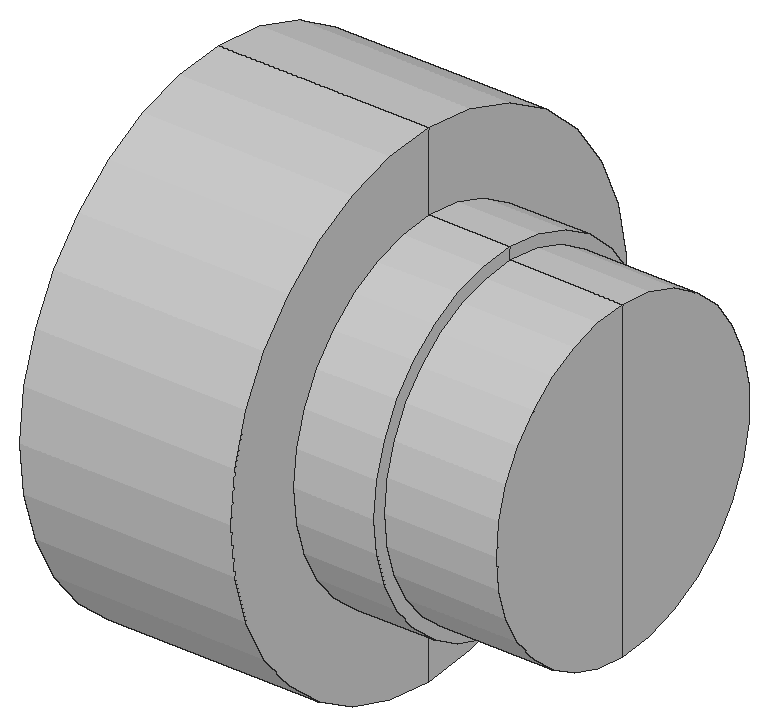
Revit family "6235_Lötanschluß mit Konus", category Rohrformteile, Revit 2021
Family settings
  Bemaßung runder Anschluss = Durchmesser verwenden
  Teiletyp = Verbindung
  OmniClass-Nummer = 23.65.55.14
  OmniClass-Titel = Valves for Liquid Services
  Arbeitsebenenbasiert = Nein
  Immer vertikal = Ja
  Beim Laden mit Abzugskörper schneiden = Nein
  Gemeinsam genutzt = Nein
Parameters (values of type "G3/4 x 18mm")
  Vorgabe-Ansicht = 0 mm
  URL = "www.herz-armaturen.at"
  SCRNSEQ = "AWI;AWI_TYP=\"1001\";2"
  SCRNCODE = "07;01;02"  # constant formula
  S02 = 8 mm  # constant formula
  S01 [instance] = GT  # 10 mm
  Nennweite_AG [instance] = if([5_8x12], 12 mm, if([1x18], 18 mm, if([3_4x12], 12 mm, if([3_4x15], 15 mm, if([3_4x18], 18 mm, 0 mm)))))  # 18 mm
  Nennweite_IG [instance] = if([5_8x12], 15 mm, if([1x18], 25 mm, if([3_4x12], 20 mm, if([3_4x15], 20 mm, if([3_4x18], 20 mm, 0 mm)))))  # 20 mm
  Mutter = "Messing CW614N, vernickelt"  # constant formula
  Max. Betriebstemperatur = 110 °C  # constant formula
  Max. Betriebsdruck = 1000000.0 Pa  # constant formula
  Medium = "Heizungswasser nach ÖNORM H5195 oder VDI- Richtlinie 2035.\r\nDie Verwendung von Ethylen- oder Propyleneglykol in einem Mischungsverhältnis 25- 50% ist zulässig."
  GT [instance] = if([5_8x12], 8.5 mm, if([1x18], 12 mm, if([3_4x12], 10 mm, if([3_4x15], 10 mm, if([3_4x18], 10 mm, 0 mm)))))  # 10 mm
  L02 [instance] = if([5_8x12], 8 mm, if([1x18], 11.7 mm, if([3_4x12], 7.5 mm, if([3_4x15], 7.5 mm, if([3_4x18], 7.5 mm, 0 mm)))))  # 7.5 mm
  L01 [instance] = if([5_8x12], 13 mm, if([1x18], 16.5 mm, if([3_4x12], 14 mm, if([3_4x15], 14 mm, if([3_4x18], 14 mm, 0 mm)))))  # 14 mm
  L00 [instance] = if([5_8x12], 22 mm, if([1x18], 29 mm, if([3_4x12], 22.5 mm, if([3_4x15], 22.5 mm, if([3_4x18], 26.9 mm, 0 mm)))))  # 26.9 mm
  Hersteller = "HERZ Armaturen Ges.m.b.H."  # constant formula
  Bestellnummer = if([5_8x12], 1623510, if([1x18], 1623512, if([3_4x12], 1623521, if([3_4x15], 1623531, if([3_4x18], 1623541, 0)))))  # 1623541
  D03 [instance] = if([5_8x12], 7.5 mm, if([1x18], 11.3 mm, if([3_4x12], 7.5 mm, if([3_4x15], 9.6 mm, if([3_4x18], 10.5 mm, 0 mm)))))  # 10.5 mm
  D02 [instance] = if([5_8x12], 8.3 mm, if([1x18], 13.1 mm, if([3_4x12], 10.5 mm, if([3_4x15], 10.5 mm, if([3_4x18], 11.3 mm, 0 mm)))))  # 11.3 mm
  D01 [instance] = if([5_8x12], 7.5 mm, if([1x18], 12.5 mm, if([3_4x12], 10 mm, if([3_4x15], 10 mm, if([3_4x18], 10 mm, 0 mm)))))  # 10 mm
  D00 [instance] = if([5_8x12], 15 mm, if([1x18], 19.5 mm, if([3_4x12], 16.5 mm, if([3_4x15], 16.5 mm, if([3_4x18], 16.5 mm, 0 mm)))))  # 16.5 mm
  Ausführung = "Lötanschluss, konisch dichtend, Mutter vernickelt, Lötnippel aus Messing"
  Lötnippel = "Messing CW614N, gelb"  # constant formula
  5_8x12 = no
  3_4x18 = yes
  3_4x15 = no
  3_4x12 = no
  1x18 = no
Types (6, lengths in mm): name | S01 | Nennweite_AG | Nennweite_IG | GT | L02 | L01 | L00 | Bestellnummer | D03 | D02 | D01 | D00 | 5_8x12 | 3_4x18 | 3_4x15 | 3_4x12 | 1x18
  (no name) | 10 | 18 | 20 | 10 | 7.5 | 14 | 26.9 | 1623541 | 10.5 | 11.3 | 10 | 16.5 | no | yes | no | no | no
  G1 x 18mm | 12 | 18 | 25 | 12 | 11.7 | 16.5 | 29 | 1623512 | 11.3 | 13.1 | 12.5 | 19.5 | no | no | no | no | yes
  G3/4 x 18mm | 10 | 18 | 20 | 10 | 7.5 | 14 | 26.9 | 1623541 | 10.5 | 11.3 | 10 | 16.5 | no | yes | no | no | no
  G3/4 x 12mm | 10 | 12 | 20 | 10 | 7.5 | 14 | 22.5 | 1623521 | 7.5 | 10.5 | 10 | 16.5 | no | no | no | yes | no
  G3/4 x 15mm | 10 | 15 | 20 | 10 | 7.5 | 14 | 22.5 | 1623531 | 9.6 | 10.5 | 10 | 16.5 | no | no | yes | no | no
  G5/8 x 12mm | 8.5 | 12 | 15 | 8.5 | 8 | 13 | 22 | 1623510 | 7.5 | 8.3 | 7.5 | 15 | yes | no | no | no | no
Reference planes
  plane 1 "Mitte (Vorne/hinten)": y = 0
  plane 2: z = 0
  plane 3 "Mitte (Links/rechts)": x = 0
Forms (mm)
  Revolve 1, solid, material "Messing, vernickelt", detail levels fine
    sketch origin (0, 0, 0) x (1, 0, 0) y (0, 0, 1)
      loop
        line (0, 10) -> (10, 10) -> (10, 0) -> (26.9, 0) -> (26.9, 10.5) -> (19.4, 10.5) -> (19.4, 11.3) -> (14, 11.3) -> (14, 16.5) -> (0, 16.5) -> (0, 10)
      axis (0, 0) -> (26.9, 0)
    angle from 0 to 360
Lines and regions (mm)
  model lines, detail levels coarse+medium
    curve 1: line (0, 0, 0) -> (26.9, 0, 0)
    curve 2: line (10, 0, 16.5) -> (10, 0, -16.5)
    curve 3: line (10, 0, -16.5) -> (18, 0, -16.5)
    curve 4: line (18, 0, -16.5) -> (10, 0, 0)
    curve 5: line (10, 0, 16.5) -> (18, 0, 16.5)
    curve 6: line (18, 0, 16.5) -> (10, 0, 0)
    curve 7: line (10, 16.5, 0) -> (10, -16.5, 0)
    curve 8: line (10, -16.5, 0) -> (18, -16.5, 0)
    curve 9: line (18, -16.5, 0) -> (10, 0, 0)
    curve 10: line (10, 16.5, 0) -> (18, 16.5, 0)
    curve 11: line (18, 16.5, 0) -> (10, 0, 0)
Dimensions and locks
  "L01": Revolve 1 sketch curve to plane 3 "Mitte (Links/rechts)"
  "L00": Revolve 1 sketch curve to plane 3 "Mitte (Links/rechts)"
  "D00": Revolve 1 sketch curve to plane 2
  "L02": Revolve 1 sketch curve to Revolve 1 sketch curve
  "D01": Revolve 1 sketch curve to plane 2
  "D02": Revolve 1 sketch curve to plane 2
  "D03": Revolve 1 sketch curve to plane 2
  "GT": Revolve 1 sketch curve to plane 3 "Mitte (Links/rechts)"
  "L00": curve 1 to curve 1
  "S01": curve 2 to plane 3 "Mitte (Links/rechts)"
  "S02": curve 2 to curve 6
  "S02": curve 2 to curve 4
  "S01": curve 1 to curve 7
  "S02": curve 7 to curve 11
  "S02": curve 7 to curve 9
  "D00": curve 8 to plane 1 "Mitte (Vorne/hinten)" to curve 10
  "D00": curve 5 to plane 2 to curve 3
  aligned and locked: level to plane 2
Automatic sketch dimensions
  curve 1 to level = 0 mm
  curve 1 to plane 3 "Mitte (Links/rechts)" = 0 mm
  curve 4 to level = 0 mm
  curve 6 to curve 4 = 0 mm
  plane 1 "Mitte (Vorne/hinten)" to curve 9 = 0 mm
  plane 1 "Mitte (Vorne/hinten)" to curve 11 = 0 mm
  Revolve 1 sketch curve to level = 0 mm  (x2)
  Revolve 1 sketch curve to plane 3 "Mitte (Links/rechts)" = 0 mm
  Revolve 1 sketch curve to plane 3 "Mitte (Links/rechts)" = 1506.53 mm
  Revolve 1 sketch curve to Revolve 1 sketch curve = 1792.148 mm
Connectors
  piping at (10, 0, 0), diameter 20, driven by "Nennweite_IG"
    settings: on Revolve 1, index 1, connector inside diameter 609.6 mm, connector length 0 mm, flow factor 0, pipe flow 0.0 L/s, pressure drop 0.0 Pa, fitting loss kfactor 0, connector angle 0.00°, fixture units 0, engagement length 0 mm, angle of deflection 0.00°, flow configuration 0, flow direction 0, fitting loss method 0, system type 29, joint type 0, gender type 0, connector reference index -1, connector utility 0, adjustable connector no, is connector primary yes, connector description ""
  piping at (26.9, 0, 0), diameter 18, driven by "Nennweite_AG"
    settings: on Revolve 1, index 2, connector inside diameter 609.6 mm, connector length 0 mm, flow factor 0, pipe flow 0.0 L/s, pressure drop 0.0 Pa, fitting loss kfactor 0, connector angle 0.00°, fixture units 0, engagement length 0 mm, angle of deflection 0.00°, flow configuration 0, flow direction 0, fitting loss method 0, system type 29, joint type 0, gender type 0, connector reference index -1, connector utility 0, adjustable connector no, is connector primary no, connector description ""
